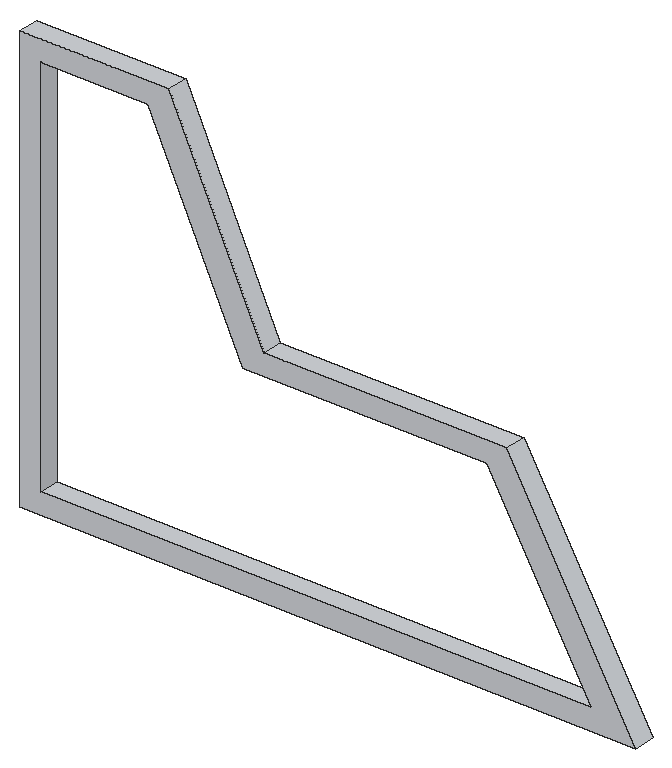
Revit family "Dima", category Generic Models, Revit 2017
Family settings
  Can host rebar = No
  Round Connector Dimension = Use Diameter
  Part Type = Normal
  Work Plane-Based = No
  Always vertical = Yes
  Cut with Voids When Loaded = No
  Shared = No
  Room Calculation Point = No
Parameters
  spessore = 50.8 mm
Reference planes
  plane 1 "Center (Front/Back)": y = 0
  plane 2: z = 0
  plane 3 "Center (Left/Right)": x = 0
  plane 4 "Livello 1": z = 500
  plane 5 "Livello 2": z = 1000
  plane 6: x = 600
  plane 7: x = 1200
  plane 8: y = -50.8
Forms (mm)
  Extrusion 1, solid
    sketch origin (0, 0, 0) x (1, 0, 0) y (0, 0, 1)
      loop
        line (0, 0) -> (1518.005, 0) -> (1200, 550.8) -> (600, 550.8) -> (366.846, 1050.8) -> (0, 1050.8) -> (0, 0)
      loop
        line (50.8, 50.8) -> (1408.546, 50.8) -> (1149.2, 500) -> (549.2, 500) -> (316.046, 1000) -> (50.8, 1000) -> (50.8, 50.8)
    from 0 to 50.8
Lines and regions (mm)
  reference lines
    curve 1: line (50.8, 0, -260.812) -> (50.8, 0, 1428.388)
    curve 2: line (1405.093, 0, 50.8) -> (-714.907, 0, 50.8)
    curve 3: line (-183.837, 0, 1050.8) -> (1576.163, 0, 1050.8)
    curve 4: line (-236.675, 0, 550.8) -> (1623.325, 0, 550.8)
    curve 5: line (1149.2, 0, -211.355) -> (1149.2, 0, 1408.645)
    curve 6: line (549.2, 0, -211.355) -> (549.2, 0, 1437.845)
    curve 7: line (549.2, 0, 489.264) -> (54.817, 0, 1549.471)
    curve 8: line (1149.2, 0, 500) -> (1652.204, 0, -371.229)
Dimensions and locks
  aligned and locked: level to plane 2
  aligned and locked: Extrusion 1 to plane 8
  aligned and locked: Extrusion 1 to plane 4 "Livello 1"
  aligned and locked: Extrusion 1 to curve 4
  aligned and locked: Extrusion 1 to curve 3
  aligned and locked: Extrusion 1 to plane 5 "Livello 2"
  aligned and locked: Extrusion 1 to plane 3 "Center (Left/Right)"
  aligned and locked: curve 1 to Extrusion 1
  aligned and locked: Extrusion 1 to curve 2
  aligned and locked: Extrusion 1 to level
